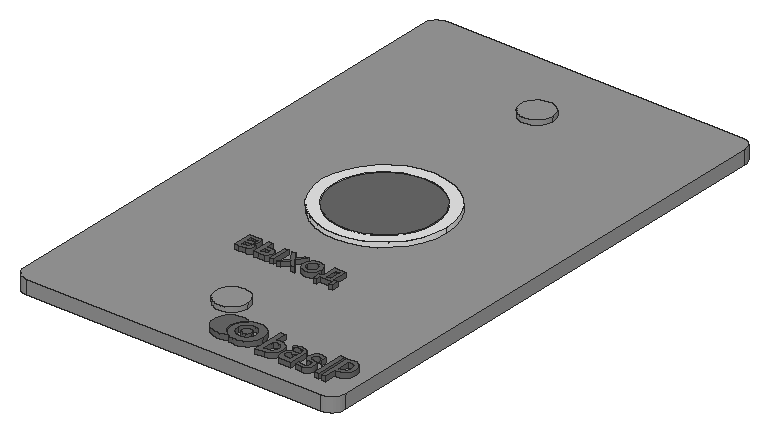
Revit family "SH-45T", category Устройства связи, Revit 2022
Family settings
  Размер круглого соединителя = Использовать диаметр
  Тип детали = Нормальный
  На основе рабочей плоскости = Да
  Всегда вертикально = Нет
  При загрузке вырезать с полостями = Нет
  Сохранять ориентацию аннотаций = Нет
  Общий = Да
  Точка принадлежности помещению = Нет
Parameters (values of type "SH-45T")
  Дополнительно = "• Возможность изменения (переключения) цвета подсветки\r\n• Триггерный режим\r\n• Пластина из нержавеющей стали AISI 316"
  Температурный режим = "-27 – +60 °C"
  Метод нанесения покрытия кнопки = "Анодирование"
  Расстояние (радиус) от центра до отверстия под винт = "41,5 мм"
  Допустимая влажность = "10% – 94%"
  Межосевое расстояние для винтов крепления = "83 мм"
  Степень защиты = "IP68"
  Default Elevation = 0 mm
  Описание = "Кнопка выхода бесконтактная SH-45T - Бесконтактная кнопка выхода с ресурсом работы более чем 100 миллионов нажатий. Срабатывание на расстоянии от 15 до 20 см. ВАЖНО! Категорически запрещается для питания кнопки SH-45TR использовать блок питания, который используется для питания замка! Необходимо использовать отдельный блок питания, к которому замки и другое оборудование, с высоким потреблением, не подключены!"
  Размеры = "70×114×19,5 мм"
  Материал корпуса = Материал серый
  Цвет = "Черный, серебро"
  Ресурс работы = "Более 100 миллионов нажатий"
  Изображение типоразмера = <Нет>
  Изготовитель = "BAS-IP"
  Тип кнопки = "Бесконтактная"
  Группа модели = "Кнопка выхода бесконтактная SH-45T"
  Напряжение питания = "+12В (+1%, - 15%)"
  URL = "https://www.bas-ip.ru"
  Email разработчика семейства = "lytvynchukartur@gmail.com"
  BIM library = "https://bimlib.ru/manufacturer/"
  ADSK_Размер_Ширина = 70 mm
  ADSK_Размер_Толщина = 19.5 mm
  ADSK_Размер_Длина = 114 mm
  ADSK_Примечание = ""
  ADSK_Полная мощность = 0.5 VA  # constant formula
  ADSK_Позиция = ""
  ADSK_Обозначение = ""
  ADSK_Номинальная мощность = 0.5 W
  ADSK_Напряжение = 12 V
  ADSK_Наименование краткое = "SH-45T"
  ADSK_Наименование = "Кнопка выхода бесконтактная SH-45T"
  ADSK_Масса_Текст = ""
  ADSK_Марка = "SH-45T"
  ADSK_Коэффициент мощности = 0.9
  ADSK_Количество фаз = 1
  ADSK_Код изделия = ""
  ADSK_Классификация нагрузок = Кнопка выхода бесконтактная
  ADSK_Зона = ""
  ADSK_Завод-изготовитель = "BAS-IP"
  ADSK_Единица измерения = "шт"
  ADSK_Версия Revit = "Revit 2020"  # constant formula
  ADSK_URL страницы изделия = "https://www.bas-ip.ru/catalog/accessories/sh-45tr/"
  ADSK_URL документации изделия = "-"
Reference planes
  plane 1 "По центру (Вперед/Назад)": y = 0
  plane 2: z = 0
  plane 3 "По центру (Влево/Вправо)": x = 0
Forms (mm)
  Blend 1, solid, material "Материал серый" <- "Материал корпуса"
    base sketch origin (-70, 0, 0) x (1, 0, 0) y (0, 1, 0)
      loop
        circle (70, 0) r 13.5
    top sketch origin (-70, 0, 0) x (1, 0, 0) y (0, 1, 0)
      loop
        circle (70, 0) r 13.5
    from -16.5 to 0
  Extrusion 2, solid, material "Материал серый" <- "Материал корпуса", detail levels medium+fine
    sketch origin (933.615, -366.161, 72) x (1, 0, 0) y (0, 1, 0)
      loop
        line (-968.615, 420.411) -> (-968.615, 311.911)
        arc (-968.615, 311.911) -> (-967.736, 309.79) -> (-965.615, 308.911) r 3
        line (-965.615, 308.911) -> (-901.615, 308.911)
        arc (-901.615, 308.911) -> (-899.494, 309.79) -> (-898.615, 311.911) r 3
        line (-898.615, 311.911) -> (-898.615, 420.411)
        arc (-898.615, 420.411) -> (-899.494, 422.532) -> (-901.615, 423.411) r 3
        line (-901.615, 423.411) -> (-965.615, 423.411)
        arc (-965.615, 423.411) -> (-967.736, 422.532) -> (-968.615, 420.411) r 3
    from -72 to -69
  Extrusion 3, solid, material "Материал черный", detail levels medium+fine
    sketch origin (-328.677, 133.957, 76) x (1, 0, 0) y (0, 1, 0)
      loop
        line (355.91, -186.947) -> (356.876, -186.947) -> (356.876, -179.913) -> (355.91, -179.913) -> (355.91, -186.947)
      loop
        line (357.377, -186.947) -> (358.377, -186.947) -> (358.377, -184.451)
        arc (358.377, -184.451) -> (361.041, -182.66) -> (359.379, -179.913) r 2.326
        line (359.379, -179.913) -> (357.377, -179.913) -> (357.377, -186.947)
      loop
        arc (358.377, -183.451) -> (360.221, -182.217) -> (358.377, -180.983) r 1.335
        line (358.377, -180.983) -> (358.377, -183.451)
      loop
        line (342.946, -179.913) -> (342.946, -186.947) -> (344.968, -186.947)
        spline (344.968, -186.947) -> (345.634, -186.72) -> (346.221, -186.353) -> (346.689, -185.871) -> (347.005, -185.307) -> (347.148, -184.699) -> (347.109, -184.089) -> (346.89, -183.519) -> (346.506, -183.026) -> (345.984, -182.646) -> (345.358, -182.403) -> (344.672, -182.314) -> (343.972, -182.385)
        line (343.972, -182.385) -> (343.972, -179.913) -> (342.946, -179.913)
      loop
        line (343.972, -183.426) -> (343.972, -185.927) -> (345.157, -185.927)
        spline (345.157, -185.927) -> (345.542, -185.692) -> (345.86, -185.388) -> (346.09, -185.036) -> (346.217, -184.659) -> (346.23, -184.283) -> (346.13, -183.934) -> (345.923, -183.636) -> (345.624, -183.408) -> (345.252, -183.267) -> (344.834, -183.222) -> (344.397, -183.276) -> (343.972, -183.426)
      loop
        line (354.371, -183.077) -> (354.371, -182.08)
        arc (354.371, -182.08) -> (353.527, -181.636) -> (352.582, -181.765) r 1.562
        arc (352.582, -181.765) -> (351.902, -182.393) -> (351.698, -183.296) r 1.562
        arc (351.698, -183.296) -> (352.118, -184.311) -> (353.134, -184.732) r 1.436
        arc (353.134, -184.732) -> (353.678, -184.957) -> (353.903, -185.501) r 0.769
        arc (353.903, -185.501) -> (353.519, -186.167) -> (352.749, -186.167) r 0.769
        line (352.749, -186.167) -> (351.665, -185.976) -> (351.665, -186.777) -> (353.173, -187.043)
        arc (353.173, -187.043) -> (354.539, -185.977) -> (354.178, -184.282) r 1.634
        line (354.178, -184.282) -> (353.112, -183.956)
        arc (353.112, -183.956) -> (352.563, -183.005) -> (353.595, -182.629) r 0.717
        line (353.595, -182.629) -> (354.371, -183.077)
      loop
        line (350.666, -186.947) -> (350.666, -182.599)
        arc (350.666, -182.599) -> (349.304, -181.597) -> (347.682, -182.073) r 1.905
        arc (347.682, -182.073) -> (347.604, -182.585) -> (348.086, -182.774) r 0.415
        arc (348.086, -182.774) -> (349.009, -182.264) -> (349.931, -182.774) r 1.09
        line (349.931, -182.774) -> (349.931, -183.578) -> (348.501, -183.578)
        arc (348.501, -183.578) -> (347.388, -185.155) -> (348.105, -186.947) r 2.022
        line (348.105, -186.947) -> (350.666, -186.947)
      loop
        line (349.931, -185.927) -> (349.931, -184.364) -> (348.861, -184.364)
        arc (348.861, -184.364) -> (348.08, -185.146) -> (348.861, -185.927) r 0.781
        line (348.861, -185.927) -> (349.931, -185.927)
      loop
        spline (337.212, -183.2) -> (337.246, -183.454) -> (337.345, -183.691) -> (337.502, -183.894) -> (337.707, -184.05) -> (337.946, -184.149) -> (338.203, -184.182) -> (338.459, -184.149) -> (338.698, -184.05) -> (338.903, -183.894) -> (339.061, -183.691) -> (339.159, -183.454) -> (339.193, -183.2)
        spline (339.193, -183.2) -> (339.159, -182.946) -> (339.061, -182.709) -> (338.903, -182.505) -> (338.698, -182.349) -> (338.459, -182.251) -> (338.203, -182.218) -> (337.946, -182.251) -> (337.707, -182.349) -> (337.502, -182.505) -> (337.345, -182.709) -> (337.246, -182.946) -> (337.212, -183.2)
      loop
        spline (336.121, -183.2) -> (336.192, -183.734) -> (336.4, -184.232) -> (336.731, -184.659) -> (337.162, -184.987) -> (337.664, -185.193) -> (338.203, -185.264) -> (338.741, -185.193) -> (339.243, -184.987) -> (339.674, -184.659) -> (340.005, -184.232) -> (340.213, -183.734) -> (340.284, -183.2)
        spline (340.284, -183.2) -> (340.213, -182.666) -> (340.005, -182.168) -> (339.674, -181.741) -> (339.243, -181.413) -> (338.741, -181.206) -> (338.203, -181.136) -> (337.664, -181.206) -> (337.162, -181.413) -> (336.731, -181.741) -> (336.4, -182.168) -> (336.192, -182.666) -> (336.121, -183.2)
      loop
        spline (334.697, -183.2) -> (334.817, -184.089) -> (335.167, -184.917) -> (335.724, -185.628) -> (336.45, -186.173) -> (337.295, -186.516) -> (338.203, -186.633) -> (339.11, -186.516) -> (339.955, -186.173) -> (340.681, -185.628) -> (341.238, -184.917) -> (341.589, -184.089) -> (341.708, -183.2)
        spline (341.708, -183.2) -> (341.589, -182.311) -> (341.238, -181.483) -> (340.681, -180.772) -> (339.955, -180.226) -> (339.11, -179.883) -> (338.203, -179.766) -> (337.295, -179.883) -> (336.45, -180.226) -> (335.724, -180.772) -> (335.167, -181.483) -> (334.817, -182.311) -> (334.697, -183.2)
    from -73 to -72
  Extrusion 4, solid, material "Материал черный", detail levels medium+fine
    sketch origin (-339.965, 133.957, 76) x (1, 0, 0) y (0, 1, 0)
      loop
        spline (347.641, -186.117) -> (347.166, -185.77) -> (346.758, -185.35) -> (346.427, -184.869) -> (346.184, -184.34) -> (346.035, -183.778) -> (345.985, -183.2) -> (346.035, -182.622) -> (346.184, -182.06) -> (346.427, -181.531) -> (346.758, -181.05) -> (347.166, -180.63) -> (347.641, -180.283)
        spline (347.641, -180.283) -> (346.493, -179.836) -> (345.257, -179.807) -> (344.088, -180.199) -> (343.131, -180.965) -> (342.504, -182.008) -> (342.286, -183.2) -> (342.504, -184.391) -> (343.131, -185.435) -> (344.088, -186.201) -> (345.257, -186.593) -> (346.493, -186.564) -> (347.641, -186.117)
    from -73 to -72
  Extrusion 5, solid, material "Материал черный", detail levels medium+fine
    sketch origin (-354.354, 176.19, 76) x (1, 0, 0) y (0, 1, 0)
      loop
        circle (354.354, -176.19) r 11
    from -73 to -72
  Extrusion 6, solid, material "Материал серый", detail levels medium+fine
    sketch origin (-368.516, 143.996, 76) x (1, 0, 0) y (0, 1, 0)
      loop
        circle (368.516, -102.496) r 3.5
    from -73 to -72
  Extrusion 7, solid, material "Материал серый", detail levels medium+fine
    sketch origin (-368.516, -143.996, 76) x (1, 0, 0) y (0, 1, 0)
      loop
        circle (368.516, 102.496) r 3.5
    from -73 to -72
  Extrusion 8, solid, material "Материал белый", detail levels medium+fine
    sketch origin (-370.695, -119.091, 76) x (1, 0, 0) y (0, 1, 0)
      loop
        circle (370.695, 119.091) r 11
      loop
        circle (370.695, 119.091) r 13.5
    from -73 to -72
  Extrusion 9, solid, material "Материал черный", detail levels medium+fine
    sketch origin (-370.316, -145.361, 76) x (1, 0, 0) y (0, 1, 0)
      loop
        line (366.808, 118.569) -> (367.657, 118.569) -> (367.657, 122.576) -> (366.808, 122.576) -> (366.808, 118.569)
      loop
        line (368.442, 118.569) -> (369.298, 118.569) -> (370.316, 119.97) -> (371.334, 118.569) -> (372.19, 118.569) -> (370.734, 120.573) -> (372.19, 122.576) -> (371.334, 122.576) -> (370.316, 121.175) -> (369.298, 122.576) -> (368.442, 122.576) -> (369.898, 120.573) -> (368.442, 118.569)
      loop
        circle (374.538, 120.573) r 1.175
      loop
        circle (374.538, 120.573) r 1.975
      loop
        line (363.339, 118.569) -> (364.189, 118.569) -> (365.689, 118.569)
        arc (365.689, 118.569) -> (366.52, 119.885) -> (365.689, 121.201) r 1.457
        line (365.689, 121.201) -> (364.189, 121.201) -> (364.189, 122.576) -> (363.339, 122.576) -> (363.339, 118.569)
      loop
        line (364.189, 119.369) -> (365.47, 119.369)
        arc (365.47, 119.369) -> (365.72, 119.885) -> (365.47, 120.401) r 0.657
        line (365.47, 120.401) -> (364.189, 120.401) -> (364.189, 119.369)
      loop
        line (359.225, 118.569) -> (360.074, 118.569) -> (361.574, 118.569)
        arc (361.574, 118.569) -> (362.584, 119.462) -> (361.82, 120.573) r 1.017
        arc (361.82, 120.573) -> (362.328, 121.652) -> (361.574, 122.576) r 1.12
        line (361.574, 122.576) -> (359.225, 122.576) -> (359.225, 118.569)
      loop
        line (360.074, 119.369) -> (361.356, 119.369)
        arc (361.356, 119.369) -> (361.756, 119.769) -> (361.356, 120.169) r 0.4
        line (361.356, 120.169) -> (360.074, 120.169) -> (360.074, 119.369)
      loop
        line (360.074, 121.776) -> (360.074, 120.976) -> (361.356, 120.976)
        arc (361.356, 120.976) -> (361.756, 121.376) -> (361.356, 121.776) r 0.4
        line (361.356, 121.776) -> (360.074, 121.776)
      loop
        line (377.76, 118.598) -> (380.26, 118.598) -> (380.26, 117.798) -> (381.06, 117.798) -> (381.06, 119.298) -> (380.26, 119.298) -> (380.26, 122.576) -> (377.76, 122.576) -> (377.76, 119.859) -> (376.96, 119.298) -> (376.96, 117.798) -> (377.76, 117.798) -> (377.76, 118.598)
      loop
        line (379.46, 121.776) -> (378.56, 121.776) -> (378.56, 119.398) -> (379.46, 119.398) -> (379.46, 121.776)
    from -73 to -72
Dimensions and locks
  aligned and locked: level to plane 2
Connectors
  electrical at (0, 0, 0)
    settings: on Blend 1, index 14, voltage 12 V, apparent load 0 VA, apparent load phase1 0 VA, apparent load phase2 0 VA, apparent load phase3 0 VA, power factor 1, load classification "Кнопка выхода бесконтактная", number of poles 1, system type 30, power factor state 1, is connector primary yes, connector utility no, sub classification motor no, connector description ""
  electrical at (-20, 0, 0)
    settings: on Blend 1, index 17, voltage 0 V, apparent load 0 VA, apparent load phase1 0 VA, apparent load phase2 0 VA, apparent load phase3 0 VA, power factor 1, load classification "Прочее", number of poles 1, system type 5, power factor state 1, is connector primary no, connector utility no, sub classification motor no, connector description ""
  electrical at (21.204, 0.028, 0)
    settings: on Blend 1, index 23, voltage 0 V, apparent load 0 VA, apparent load phase1 0 VA, apparent load phase2 0 VA, apparent load phase3 0 VA, power factor 1, load classification "Прочее", number of poles 1, system type 5, power factor state 1, is connector primary no, connector utility no, sub classification motor no, connector description ""
